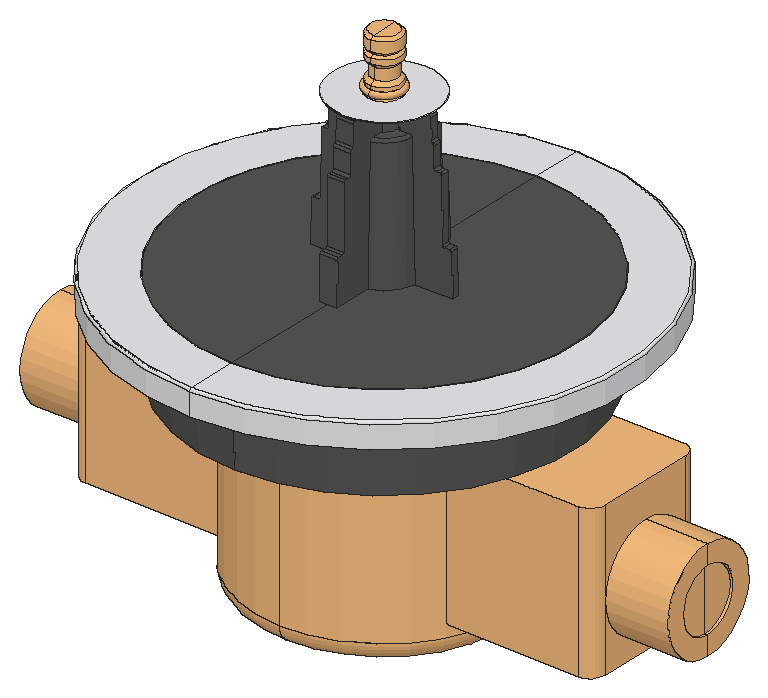
Revit family "Shower-Valves_and_Controls-KOHLER-HiFlow_Rite-Temp-K-2971", category Plumbing Fixtures, host Face, Revit 2015
Parameters (values of type "Pressure-balancing single-handle valve")
  Width = 8"  # constant formula
  WaterSense Certified = 1 = 0  # no
  Waste Water Outlet = "Waste Water Outlet"  # constant formula
  Waste Connection = 1 = 0  # no
  Vent Connection = 1 = 0  # no
  URL = "https://www.us.kohler.com/us/"
  Tempered Water Outlet = "Tempered Water Outlet"  # constant formula
  Product Page URL = "http://www.us.kohler.com/us/catalog/productDetails.jsp?productNumber=2971-KS"
  Product Name = "Rite-Temp"  # constant formula
  Product Documentation Link = "https://www.us.kohler.com/webassets/kpna/catalog/pdf/en/K-2971-KS_spec.pdf"
  Pressure = 45.00 psi  # constant formula
  Model = "K-2971-KS-NA"  # constant formula
  Material = "Brass construction"  # constant formula
  MasterFormat 2004 = "22.11.00"  # constant formula
  MasterFormat 1995 = "154300"  # constant formula
  Manufacturer Address = "444 Highland Dr, Kohler, WI 53044"  # constant formula
  Manufacturer = "KOHLER Co."  # constant formula
  Length = 2 1/4"  # constant formula
  Hot Water Inlet = "Hot Water Inlet"  # constant formula
  Height = 6"  # constant formula
  HW Connection = 1 = 1  # yes
  Flow Rate = 13 GPM  # constant formula
  Finish = Kohler-Metal-Brass
  Environmental Product Declaration = ""
  Description = "HiFlow Rite-Temp 3/4 inch pressure-balancing single-handle with screwdriver stops"  # constant formula
  Default Elevation = 36"
  Declare Label = ""
  Date Modified = "02/07/2019"  # constant formula
  Date Created = "02/07/2019"  # constant formula
  Copyright = "Copyright KOHLER Co."  # constant formula
  Contact Us = "https://www.us.kohler.com/us/static/contact.jsp"
  Cold Water Inlet = "Cold Water Inlet"  # constant formula
  CW Connection = 1 = 1  # yes
  Assembly Code = "D2020"
  ADA Compliant = 1 = 1  # yes
Reference planes (in)
  plane 1 "Center (Front/Back)": y = 0
  plane 2: z = 0
  plane 3 "Center (Left/Right)": x = 0
  plane 4: x = 4
  plane 5: x = -4
  plane 6: z = 2.6675
  plane 7: y = 3
  plane 8: y = -3
  plane 9: z = -2.25
  plane 10: z = -3.48
  plane 11: z = -0.312
Forms (in)
  Revolve 1, void
    sketch origin (0, 0, 0) x (0, 1, 0) y (0, 0, 1)
      loop
        line (0, 0.03911) -> (-3, 0.03911) -> (-3, -3.48) -> (0, -3.48) -> (0, 0.03911)
      axis (0, 0.03911) -> (0, -3.48)
    angle from 0 to 360
  Extrusion 2, void
    sketch origin (0, 0, 0) x (0, 1, 0) y (0, 0, 1)
      loop
        line (-0.80595, -3.08) -> (0.80405, -3.08) -> (0.80405, -1.2) -> (-0.80595, -1.2) -> (-0.80595, -3.08)
    from -4 to 4
Dimensions and locks (in)
  equal spacing: plane 4, plane 3 "Center (Left/Right)", plane 5
  equal spacing: plane 7, plane 1 "Center (Front/Back)", plane 8
  "Width": plane 4 to plane 5
  "Height": plane 7 to plane 8
  "Length": plane 2 to plane 9
  aligned and locked: plane 2 to host face
  aligned and locked: level to host face
Automatic sketch dimensions
  host sketch curve to host sketch curve = 96"  (x2)
  Revolve 1 sketch curve to plane 10 = 0"
  Revolve 1 sketch curve to plane 1 "Center (Front/Back)" = 0"  (x2)
  Revolve 1 sketch curve to level = 0"
  level to Revolve 1 sketch curve = 0.03911"
  Revolve 1 sketch curve to plane 8 = 0"
  Revolve 1 sketch curve to plane 11 = 0.688"
  plane 10 to Extrusion 2 sketch curve = 0.4"
  plane 1 "Center (Front/Back)" to Extrusion 2 sketch curve = 0.80595"
  Extrusion 2 sketch curve to plane 1 "Center (Front/Back)" = 0.80405"
  Extrusion 2 sketch curve to plane 11 = 0.888"
Nested families (in)
  nested 1: "K-2971" at (0, 0, -3.48) x (0, -1, 0) z (0, 0, 1), type "K-2971"
Connectors (in)
  piping at (-3.94012, 0, -2.25), diameter 0.75, driven by "HW Connection", driven by "Hot Water Inlet", driven by "Flow Rate", driven by "Pressure"
    settings: on nested 1, index 1, connector inside diameter 24", connector length 0", flow factor 0, pipe flow 13 GPM, pressure drop 45.00 psi, fitting loss kfactor 0, connector angle 0.00°, fixture units 0, engagement length 0", angle of deflection 0.00°, flow configuration 1, flow direction 1, fitting loss method 4, system type 19, joint type 0, gender type 0, connector reference index -1, connector utility 1, adjustable connector no, is connector primary yes, connector description "Hot Water Inlet"
  piping at (3.95652, 0, -2.25), diameter 0.75, driven by "Flow Rate", driven by "Pressure", driven by "CW Connection", driven by "Cold Water Inlet"
    settings: on nested 1, index 2, connector inside diameter 24", connector length 0", flow factor 0, pipe flow 13 GPM, pressure drop 45.00 psi, fitting loss kfactor 0, connector angle 0.00°, fixture units 0, engagement length 0", angle of deflection 0.00°, flow configuration 1, flow direction 1, fitting loss method 4, system type 20, joint type 0, gender type 0, connector reference index -1, connector utility 1, adjustable connector no, is connector primary no, connector description "Cold Water Inlet"
  piping at (-0.00195, 1.7533, -2.72345), diameter 0.75, driven by "Tempered Water Outlet", driven by "Flow Rate", driven by "Pressure", driven by "HW Connection"
    settings: on nested 1, index 3, connector inside diameter 24", connector length 0", flow factor 0, pipe flow 13 GPM, pressure drop 45.00 psi, fitting loss kfactor 0, connector angle 0.00°, fixture units 0, engagement length 0", angle of deflection 0.00°, flow configuration 1, flow direction 2, fitting loss method 4, system type 19, joint type 0, gender type 0, connector reference index -1, connector utility 1, adjustable connector no, is connector primary no, connector description "Tempered Water Outlet"
Definition of nested family "K-2971"
  Parameters (values of type "K-2971")
    Valve Material = none
  Reference planes (in)
    plane 1 "Center (Front/Back)": y = 0
    plane 2: z = 0
    plane 3 "Center (Left/Right)": x = 0
    plane 4: z = 3.48
    plane 5: y = -4
    plane 6: y = 4
    plane 7: z = 1.23
    plane 8: z = 6.1475
    plane 9: x = -3
    plane 10: x = 3
  Forms (in)
    Revolve 1, solid, material <- "Valve Material", detail levels medium+fine
      sketch origin (0, 0, 0) x (1, 0, 0) y (0, 0, 1)
        loop
          line (0.15454, 3.168) -> (0.15454, 5.415) -> (0.09284, 5.415) -> (0.09284, 5.461) -> (0.21214, 5.461) -> (0.14207, 5.48673) -> (0.2031, 5.48673)
          arc (0.2031, 5.48673) -> (0.2379, 5.52153) -> (0.2031, 5.55633) r 0.0348
          line (0.2031, 5.55633) -> (0.14378, 5.55633) -> (0.20349, 5.56686) -> (0.20349, 5.60565) -> (0.15454, 5.65461) -> (0.15454, 5.79783) -> (0.20349, 5.84678) -> (0.20349, 5.91277) -> (0.17013, 5.94613) -> (0.20349, 5.97949) -> (0.20349, 6.11147) -> (0.16746, 6.1475) -> (0, 6.1475) -> (0, 0) -> (1.36724, 0)
          arc (1.36724, 0) -> (1.54401, 0.07322) -> (1.61724, 0.25) r 0.25
          line (1.61724, 0.25) -> (1.61724, 3.168) -> (0.15454, 3.168)
        axis (0, 6.1475) -> (0, 0)
      angle from 0 to 360
    Extrusion 2, solid, detail levels medium+fine
      sketch origin (0, 0, 0) x (1, 0, 0) y (0, 0, 1)
        loop
          line (-0.87723, 3.37232) -> (0.87723, 3.37232) -> (0.86071, 3.99397)
          arc (0.86071, 3.99397) -> (0.85388, 4.00958) -> (0.83809, 4.016) r 0.02263
          line (0.83809, 4.016) -> (0.77163, 4.016)
          arc (0.77163, 4.016) -> (0.75726, 4.02191) -> (0.75122, 4.03622) r 0.02041
          line (0.75122, 4.03622) -> (0.74402, 4.80243)
          arc (0.74402, 4.80243) -> (0.73757, 4.81769) -> (0.72225, 4.824) r 0.02178
          line (0.72225, 4.824) -> (0.67757, 4.824)
          arc (0.67757, 4.824) -> (0.65844, 4.83192) -> (0.65051, 4.85106) r 0.02706
          line (0.65051, 4.85106) -> (0.65051, 5.09072)
          arc (0.65051, 5.09072) -> (0.64513, 5.10941) -> (0.63064, 5.12238) r 0.03516
          arc (0.63064, 5.12238) -> (0.61865, 5.13301) -> (0.61398, 5.14834) r 0.02949
          line (0.61398, 5.14834) -> (0.60911, 5.39203)
          arc (0.60911, 5.39203) -> (0.60208, 5.4083) -> (0.58568, 5.415) r 0.02344
          line (0.58568, 5.415) -> (-0.58706, 5.415)
          arc (-0.58706, 5.415) -> (-0.60248, 5.4087) -> (-0.60908, 5.39341) r 0.02203
          line (-0.60908, 5.39341) -> (-0.61398, 5.14834)
          arc (-0.61398, 5.14834) -> (-0.6185, 5.13323) -> (-0.63016, 5.12261) r 0.02949
          arc (-0.63016, 5.12261) -> (-0.64502, 5.10895) -> (-0.65051, 5.08953) r 0.03707
          line (-0.65051, 5.08953) -> (-0.65051, 4.85106)
          arc (-0.65051, 4.85106) -> (-0.65844, 4.83192) -> (-0.67757, 4.824) r 0.02706
          line (-0.67757, 4.824) -> (-0.72225, 4.824)
          arc (-0.72225, 4.824) -> (-0.73757, 4.81769) -> (-0.74402, 4.80243) r 0.02178
          line (-0.74402, 4.80243) -> (-0.75122, 4.03622)
          arc (-0.75122, 4.03622) -> (-0.75726, 4.02191) -> (-0.77163, 4.016) r 0.02041
          line (-0.77163, 4.016) -> (-0.83809, 4.016)
          arc (-0.83809, 4.016) -> (-0.85388, 4.00958) -> (-0.86071, 3.99397) r 0.02263
          line (-0.86071, 3.99397) -> (-0.87723, 3.37232)
      from -0.10671 to 0.10424
    Extrusion 3, solid, detail levels medium+fine
      sketch origin (0, 0, 0) x (0, 1, 0) y (0, 0, 1)
        loop
          line (-0.87649, 3.37232) -> (0.87796, 3.37232) -> (0.86145, 3.99372)
          arc (0.86145, 3.99372) -> (0.85461, 4.00934) -> (0.83883, 4.01575) r 0.02263
          line (0.83883, 4.01575) -> (0.77236, 4.01575)
          arc (0.77236, 4.01575) -> (0.758, 4.02166) -> (0.75195, 4.03598) r 0.02041
          line (0.75195, 4.03598) -> (0.74476, 4.80218)
          arc (0.74476, 4.80218) -> (0.73831, 4.81745) -> (0.72298, 4.82375) r 0.02178
          line (0.72298, 4.82375) -> (0.6783, 4.82375)
          arc (0.6783, 4.82375) -> (0.65917, 4.83168) -> (0.65125, 4.85081) r 0.02706
          line (0.65125, 4.85081) -> (0.65125, 5.09047)
          arc (0.65125, 5.09047) -> (0.64587, 5.10916) -> (0.63138, 5.12213) r 0.03516
          arc (0.63138, 5.12213) -> (0.61938, 5.13276) -> (0.61472, 5.14809) r 0.02949
          line (0.61472, 5.14809) -> (0.60985, 5.39178)
          arc (0.60985, 5.39178) -> (0.60282, 5.40805) -> (0.58641, 5.41475) r 0.02344
          line (0.58641, 5.41475) -> (-0.58632, 5.41475)
          arc (-0.58632, 5.41475) -> (-0.60174, 5.40846) -> (-0.60835, 5.39316) r 0.02203
          line (-0.60835, 5.39316) -> (-0.61325, 5.14809)
          arc (-0.61325, 5.14809) -> (-0.61777, 5.13298) -> (-0.62943, 5.12237) r 0.02949
          arc (-0.62943, 5.12237) -> (-0.64428, 5.1087) -> (-0.64978, 5.08928) r 0.03707
          line (-0.64978, 5.08928) -> (-0.64978, 4.85081)
          arc (-0.64978, 4.85081) -> (-0.6577, 4.83168) -> (-0.67683, 4.82375) r 0.02706
          line (-0.67683, 4.82375) -> (-0.72151, 4.82375)
          arc (-0.72151, 4.82375) -> (-0.73684, 4.81745) -> (-0.74329, 4.80218) r 0.02178
          line (-0.74329, 4.80218) -> (-0.75048, 4.03598)
          arc (-0.75048, 4.03598) -> (-0.75653, 4.02166) -> (-0.77089, 4.01575) r 0.02041
          line (-0.77089, 4.01575) -> (-0.83736, 4.01575)
          arc (-0.83736, 4.01575) -> (-0.85314, 4.00934) -> (-0.85998, 3.99372) r 0.02263
          line (-0.85998, 3.99372) -> (-0.87649, 3.37232)
      from -0.04662 to 0.04346
    Revolve 4, solid, material <- "Valve Material", detail levels medium+fine
      sketch origin (0, 0, 0) x (0, 1, 0) y (0, 0, 1)
        loop
          line (3.95652, 1.23) -> (-3.94012, 1.23) -> (-3.94012, 0.80778) -> (-4, 0.80778) -> (-4, 0.605) -> (4, 0.605) -> (4, 0.84282) -> (3.95652, 0.84282) -> (3.95652, 1.23)
        axis (4, 1.23) -> (-4, 1.23)
      angle from 0 to 360
    Extrusion 5, solid, material <- "Valve Material", detail levels medium+fine
      sketch origin (0, 0, 0) x (1, 0, 0) y (0, 1, 0)
        loop
          line (-0.80405, 0.38775) -> (-0.80405, -3.04367)
          arc (-0.80405, -3.04367) -> (-0.74998, -3.17422) -> (-0.61944, -3.22829) r 0.18462
          line (-0.61944, -3.22829) -> (0.62235, -3.22829)
          arc (0.62235, -3.22829) -> (0.75217, -3.17452) -> (0.80595, -3.0447) r 0.18359
          line (0.80595, -3.0447) -> (0.80595, -0.2173) -> (0.80595, 3.0447)
          arc (0.80595, 3.0447) -> (0.75217, 3.17452) -> (0.62235, 3.22829) r 0.18359
          line (0.62235, 3.22829) -> (-0.62046, 3.22829)
          arc (-0.62046, 3.22829) -> (-0.75028, 3.17452) -> (-0.80405, 3.0447) r 0.18359
          line (-0.80405, 3.0447) -> (-0.80405, 0.38775)
      from 0.4 to 2.28
    Extrusion 6, solid, material <- "Valve Material", detail levels medium+fine
      sketch origin (0, 0, 0) x (0, 1, 0) y (0, 0, 1)
        loop
          line (0.75, 0.61) -> (0.75, 2.24875) -> (-0.75, 2.24875) -> (-0.75, 0.61)
          arc (-0.75, 0.61) -> (-0.60355, 0.25645) -> (-0.25, 0.11) r 0.5
          line (-0.25, 0.11) -> (0.25, 0.11)
          arc (0.25, 0.11) -> (0.60355, 0.25645) -> (0.75, 0.61) r 0.5
        loop
          circle (-0.00195, 0.75655) r 0.4432
      from -2.20139 to -0.934
    Extrusion 7, void
      sketch origin (0, 0, 0) x (1, 0, 0) y (0, 0, 1)
        loop
          line (-2.05905, -0.04415) -> (-2.05905, 0.76695)
          arc (-2.05905, 0.76695) -> (-2.06821, 0.94173) -> (-2.09559, 1.11459) r 1.67208
          line (-2.09559, 1.11459) -> (-2.19351, 1.57524)
          arc (-2.19351, 1.57524) -> (-2.19941, 1.61255) -> (-2.20139, 1.65026) r 0.36081
          line (-2.20139, 1.65026) -> (-2.20139, -0.04415) -> (-2.05905, -0.04415)
      from -0.96694 to 0.946
    Revolve 8, solid, material <- "Valve Material", detail levels coarse
      sketch origin (0, 0, 0) x (0, 1, 0) y (0, 0, 1)
        loop
          line (0, 6.1475) -> (-0.20349, 6.1475) -> (-0.20349, 3.168) -> (-2.34601, 3.168) -> (-2.315, 2.28) -> (-1.61724, 2.28) -> (-1.61724, 0) -> (0, 0) -> (0, 6.1475)
        axis (0, 6.1475) -> (0, 0)
      angle from 0 to 360
    Extrusion 9, solid, material <- "Valve Material", detail levels coarse
      sketch origin (0, 0, 0) x (1, 0, 0) y (0, 1, 0)
        loop
          line (0.80595, -3.22829) -> (0.80595, 3.22829) -> (-0.80405, 3.22829) -> (-0.80405, -3.22829) -> (0.80595, -3.22829)
      from 0.4 to 2.28
    Extrusion 10, solid, material <- "Valve Material", detail levels coarse
      sketch origin (0, 0, 0) x (1, 0, 0) y (0, 0, 1)
        loop
          circle (0, 1.23) r 0.625
      from -4 to 4
    Extrusion 11, solid, detail levels medium+fine
      sketch origin (0, 0, 0) x (1, 0, 0) y (0, 1, 0)
        loop
          circle (0, 0) r 0.62595
      from 5.451 to 5.461
    Revolve 12, solid, detail levels medium+fine
      sketch origin (0, 0, 0) x (1, 0, 0) y (0, 0, 1)
        loop
          line (0.41009, 3.48) -> (0.37541, 5.09056)
          arc (0.37541, 5.09056) -> (0.36514, 5.11426) -> (0.34123, 5.12401) r 0.03419
          line (0.34123, 5.12401) -> (0.20349, 5.12401) -> (0.20349, 5.451) -> (0, 5.451) -> (0, 2.28) -> (2.315, 2.28) -> (2.3569, 3.48) -> (0.41009, 3.48)
        axis (0, 5.451) -> (0, 2.28)
      angle from 0 to 360
    Revolve 13, solid, detail levels medium+fine
      sketch origin (0, 0, 0) x (1, 0, 0) y (0, 0, 1)
        loop
          line (2.3569, 3.48) -> (2.34601, 3.168) -> (3, 3.168) -> (3, 3.44957)
          arc (3, 3.44957) -> (2.99109, 3.47109) -> (2.96957, 3.48) r 0.03043
          line (2.96957, 3.48) -> (2.3569, 3.48)
        axis (0, 3.48) -> (0, 3.168)
      angle from 0 to 360
    Revolve 14, solid, detail levels coarse
      sketch origin (0, 0, 0) x (0, 1, 0) y (0, 0, 1)
        loop
          line (-2.34601, 3.168) -> (-2.315, 2.28) -> (-0.20349, 2.28) -> (-0.20349, 5.461) -> (-0.821, 5.461) -> (-0.87363, 3.48) -> (-3, 3.48) -> (-3, 3.168) -> (-2.34601, 3.168)
        axis (0, 5.461) -> (0, 2.28)
      angle from 0 to 360
    Extrusion 15, solid, material <- "Valve Material", detail levels medium+fine
      sketch origin (0, 0, 0) x (0, 1, 0) y (0, 0, 1)
        loop
          circle (-0.00195, 0.75655) r 0.14635
      from -1.7533 to -1.43281
  Cuts and joins
    Extrusion 7 cuts Extrusion 6
    joined: Revolve 1, Revolve 4, Extrusion 5, Extrusion 6
    joined: Extrusion 2, Extrusion 3, Revolve 12
  Lines and regions (in)
    Masking region 1
      outline origin (0, 0, 0) x (1, 0, 0) y (0, 0, 1)
        loop
          line (0.87437, 3.48) -> (0.86071, 3.99397)
          arc (0.86071, 3.99397) -> (0.85388, 4.00958) -> (0.83809, 4.016) r 0.02263
          line (0.83809, 4.016) -> (0.77163, 4.016)
          arc (0.77163, 4.016) -> (0.75726, 4.02191) -> (0.75122, 4.03622) r 0.02041
          line (0.75122, 4.03622) -> (0.74402, 4.80243)
          arc (0.74402, 4.80243) -> (0.73757, 4.81769) -> (0.72225, 4.824) r 0.02178
          line (0.72225, 4.824) -> (0.67757, 4.824)
          arc (0.67757, 4.824) -> (0.65844, 4.83192) -> (0.65051, 4.85106) r 0.02706
          line (0.65051, 4.85106) -> (0.65051, 5.09072)
          arc (0.65051, 5.09072) -> (0.64513, 5.10941) -> (0.63064, 5.12238) r 0.03516
          arc (0.63064, 5.12238) -> (0.61865, 5.13301) -> (0.61398, 5.14834) r 0.02949
          line (0.61398, 5.14834) -> (0.60911, 5.39203)
          arc (0.60911, 5.39203) -> (0.60208, 5.4083) -> (0.58568, 5.415) r 0.02344
          line (0.58568, 5.415) -> (0.20349, 5.415) -> (0.20349, 5.451) -> (0.58584, 5.451) -> (0.62595, 5.461) -> (0.21214, 5.461) -> (0.14207, 5.48673) -> (0.20325, 5.48673)
          arc (0.20325, 5.48673) -> (0.23805, 5.52153) -> (0.20325, 5.55633) r 0.0348
          line (0.20325, 5.55633) -> (0.14378, 5.55633) -> (0.20349, 5.56686) -> (0.20349, 5.60565) -> (0.15454, 5.65461) -> (0.15454, 5.79783) -> (0.20349, 5.84678) -> (0.20349, 5.91277) -> (0.17013, 5.94613) -> (0.20349, 5.97949) -> (0.20349, 6.11147) -> (0.16746, 6.1475) -> (-0.16746, 6.1475) -> (-0.20349, 6.11147) -> (-0.20349, 5.97949) -> (-0.17013, 5.94613) -> (-0.20349, 5.91277) -> (-0.20349, 5.84678) -> (-0.15454, 5.79783) -> (-0.15454, 5.65461) -> (-0.20349, 5.60565) -> (-0.20349, 5.56686) -> (-0.14378, 5.55633) -> (-0.20325, 5.55633)
          arc (-0.20325, 5.55633) -> (-0.23805, 5.52153) -> (-0.20325, 5.48673) r 0.0348
          line (-0.20325, 5.48673) -> (-0.14207, 5.48673) -> (-0.21214, 5.461) -> (-0.62595, 5.461) -> (-0.58584, 5.451) -> (-0.20349, 5.451) -> (-0.20349, 5.415) -> (-0.58568, 5.415)
          arc (-0.58568, 5.415) -> (-0.60208, 5.4083) -> (-0.60911, 5.39203) r 0.02344
          line (-0.60911, 5.39203) -> (-0.61398, 5.14834)
          arc (-0.61398, 5.14834) -> (-0.61865, 5.13301) -> (-0.63064, 5.12238) r 0.02949
          arc (-0.63064, 5.12238) -> (-0.64513, 5.10941) -> (-0.65051, 5.09072) r 0.03516
          line (-0.65051, 5.09072) -> (-0.65051, 4.85106)
          arc (-0.65051, 4.85106) -> (-0.65844, 4.83192) -> (-0.67757, 4.824) r 0.02706
          line (-0.67757, 4.824) -> (-0.72225, 4.824)
          arc (-0.72225, 4.824) -> (-0.73757, 4.81769) -> (-0.74402, 4.80243) r 0.02178
          line (-0.74402, 4.80243) -> (-0.75122, 4.03622)
          arc (-0.75122, 4.03622) -> (-0.75726, 4.02191) -> (-0.77163, 4.016) r 0.02041
          line (-0.77163, 4.016) -> (-0.83809, 4.016)
          arc (-0.83809, 4.016) -> (-0.85388, 4.00958) -> (-0.86071, 3.99397) r 0.02263
          line (-0.86071, 3.99397) -> (-0.87437, 3.48) -> (-3, 3.48) -> (-3, 3.168) -> (-2.34601, 3.168) -> (-2.315, 2.28) -> (-2.16057, 2.28) -> (-2.16057, 2.24875) -> (-2.20139, 2.24875) -> (-2.20139, 1.65026)
          arc (-2.20139, 1.65026) -> (-2.19941, 1.61255) -> (-2.19351, 1.57524) r 0.36081
          line (-2.19351, 1.57524) -> (-2.09559, 1.11459)
          arc (-2.09559, 1.11459) -> (-2.06821, 0.94173) -> (-2.05905, 0.76695) r 1.67208
          line (-2.05905, 0.76695) -> (-2.05905, 0.11) -> (-1.57436, 0.11)
          arc (-1.57436, 0.11) -> (-1.4845, 0.02921) -> (-1.36724, 0) r 0.25
          line (-1.36724, 0) -> (1.36724, 0)
          arc (1.36724, 0) -> (1.54401, 0.07322) -> (1.61724, 0.25) r 0.25
          line (1.61724, 0.25) -> (1.61724, 2.09866) -> (2.16057, 2.09866) -> (2.16057, 2.28) -> (2.315, 2.28) -> (2.34601, 3.168) -> (3, 3.168) -> (3, 3.48) -> (0.87437, 3.48)
    Masking region 2, detail levels medium+fine
      outline origin (0, 0, 0) x (0, 1, 0) y (0, 0, 1)
        loop
          line (-0.87363, 3.48) -> (-3, 3.48) -> (-3, 3.168) -> (-2.34601, 3.168) -> (-2.315, 2.28) -> (-3.22829, 2.28) -> (-3.22829, 1.855) -> (-4, 1.855) -> (-4, 0.605) -> (-3.22829, 0.605) -> (-3.22829, 0.4) -> (-1.61724, 0.4) -> (-1.61724, 0.25752)
          arc (-1.61724, 0.25752) -> (-1.5568, 0.09015) -> (-1.40337, 0) r 0.26198
          line (-1.40337, 0) -> (1.40337, 0)
          arc (1.40337, 0) -> (1.5568, 0.09015) -> (1.61724, 0.25752) r 0.26198
          line (1.61724, 0.25752) -> (1.61724, 0.4) -> (3.22829, 0.4) -> (3.22829, 0.605) -> (4, 0.605) -> (4, 1.855) -> (3.22829, 1.855) -> (3.22829, 2.28) -> (2.315, 2.28) -> (2.34601, 3.168) -> (3, 3.168) -> (3, 3.48) -> (0.87363, 3.48) -> (0.85998, 3.99372)
          arc (0.85998, 3.99372) -> (0.85314, 4.00934) -> (0.83736, 4.01575) r 0.02263
          line (0.83736, 4.01575) -> (0.77089, 4.01575)
          arc (0.77089, 4.01575) -> (0.75653, 4.02166) -> (0.75048, 4.03598) r 0.02041
          line (0.75048, 4.03598) -> (0.74329, 4.80218)
          arc (0.74329, 4.80218) -> (0.73684, 4.81745) -> (0.72151, 4.82375) r 0.02178
          line (0.72151, 4.82375) -> (0.67683, 4.82375)
          arc (0.67683, 4.82375) -> (0.6577, 4.83168) -> (0.64978, 4.85081) r 0.02706
          line (0.64978, 4.85081) -> (0.64978, 5.08928)
          arc (0.64978, 5.08928) -> (0.64428, 5.1087) -> (0.62943, 5.12237) r 0.03707
          arc (0.62943, 5.12237) -> (0.61777, 5.13298) -> (0.61325, 5.14809) r 0.02949
          line (0.61325, 5.14809) -> (0.60835, 5.39316)
          arc (0.60835, 5.39316) -> (0.60174, 5.40846) -> (0.58632, 5.41475) r 0.02203
          line (0.58632, 5.41475) -> (0.20332, 5.41475) -> (0.20332, 5.451) -> (0.58584, 5.451) -> (0.62595, 5.461) -> (0.21276, 5.461) -> (0.14207, 5.48673) -> (0.20267, 5.48673)
          arc (0.20267, 5.48673) -> (0.23747, 5.52153) -> (0.20267, 5.55633) r 0.0348
          line (0.20267, 5.55633) -> (0.14378, 5.55633) -> (0.20349, 5.56686) -> (0.20349, 5.60565) -> (0.15454, 5.65461) -> (0.15454, 5.79783) -> (0.20349, 5.84678) -> (0.20349, 5.91277) -> (0.17013, 5.94613) -> (0.20349, 5.97949) -> (0.20349, 6.11147) -> (0.16746, 6.1475) -> (-0.16746, 6.1475) -> (-0.20349, 6.11147) -> (-0.20349, 5.97949) -> (-0.17013, 5.94613) -> (-0.20349, 5.91277) -> (-0.20349, 5.84678) -> (-0.15454, 5.79783) -> (-0.15454, 5.65461) -> (-0.20349, 5.60565) -> (-0.20349, 5.56686) -> (-0.14378, 5.55633) -> (-0.20267, 5.55633)
          arc (-0.20267, 5.55633) -> (-0.23747, 5.52153) -> (-0.20267, 5.48673) r 0.0348
          line (-0.20267, 5.48673) -> (-0.14207, 5.48673) -> (-0.21276, 5.461) -> (-0.62595, 5.461) -> (-0.58584, 5.451) -> (-0.20332, 5.451) -> (-0.20332, 5.41475) -> (-0.58632, 5.41475)
          arc (-0.58632, 5.41475) -> (-0.60174, 5.40846) -> (-0.60835, 5.39316) r 0.02203
          line (-0.60835, 5.39316) -> (-0.61325, 5.14809)
          arc (-0.61325, 5.14809) -> (-0.61777, 5.13298) -> (-0.62943, 5.12237) r 0.02949
          arc (-0.62943, 5.12237) -> (-0.64428, 5.1087) -> (-0.64978, 5.08928) r 0.03707
          line (-0.64978, 5.08928) -> (-0.64978, 4.85081)
          arc (-0.64978, 4.85081) -> (-0.6577, 4.83168) -> (-0.67683, 4.82375) r 0.02706
          line (-0.67683, 4.82375) -> (-0.72151, 4.82375)
          arc (-0.72151, 4.82375) -> (-0.73684, 4.81745) -> (-0.74329, 4.80218) r 0.02178
          line (-0.74329, 4.80218) -> (-0.75048, 4.03598)
          arc (-0.75048, 4.03598) -> (-0.75653, 4.02166) -> (-0.77089, 4.01575) r 0.02041
          line (-0.77089, 4.01575) -> (-0.83736, 4.01575)
          arc (-0.83736, 4.01575) -> (-0.85314, 4.00934) -> (-0.85998, 3.99372) r 0.02263
          line (-0.85998, 3.99372) -> (-0.87363, 3.48)
    Masking region 3
      outline origin (0, 0, 0) x (1, 0, 0) y (0, 1, 0)
        loop
          circle (0, 0) r 3
    symbolic lines, detail levels medium+fine
      curve 1: line (-1.43281, 0, 2.09866) -> (-1.43281, 0, 0.60742)
      curve 2: spline (-1.43281, 0, 0.60742) -> (-1.43449, 0, 0.57359) -> (-1.43699, 0, 0.53999) -> (-1.44031, 0, 0.50676) -> (-1.44443, 0, 0.47408) -> (-1.44933, 0, 0.44209) -> (-1.45499, 0, 0.41096) -> (-1.46138, 0, 0.38083) -> (-1.46847, 0, 0.35186) -> (-1.47622, 0, 0.32418) -> (-1.4846, 0, 0.29793) -> (-1.49357, 0, 0.27324) -> (-1.50308, 0, 0.25021)
      curve 3: arc (-1.50308, 0, 0.25021) -> (-1.53679, 0, 0.17913) -> (-1.57436, 0, 0.11) r 1.42908
      curve 4: line (-2.34601, 0, 3.168) -> (2.34601, 0, 3.168)
      curve 5: line (2.16057, 0, 2.28) -> (-2.16057, 0, 2.28)
      curve 6: line (1.61724, 0, 2.09866) -> (0.80595, 0, 2.09866)
      curve 7: line (-2.16057, 0, 2.24875) -> (-2.02622, 0, 2.24875)
      curve 8: line (-2.02622, 0, 2.24875) -> (-2.02622, 0, 2.09866)
      curve 9: line (-0.80405, 0, 0.4) -> (0.80595, 0, 0.4)
      curve 10: line (-0.80405, 0, 2.28) -> (-0.80405, 0, 0.4)
      curve 11: line (0.80595, 0, 0.4) -> (0.80595, 0, 2.28)
      curve 12: circle (0, 0, 1.23) r 0.42222 normal (0, 1, 0)
      curve 13: circle (0, 0, 1.23) r 0.625 normal (0, 1, 0)
      curve 14: line (-0.80405, 0, 2.09866) -> (-2.02622, 0, 2.09866)
      curve 15: line (-0.87437, 0, 3.48) -> (0.87437, 0, 3.48)
      curve 16: line (-0.20349, 0, 5.451) -> (0.20349, 0, 5.451)
      curve 17: line (0.21214, 0, 5.461) -> (-0.21214, 0, 5.461)
      curve 18: line (-0.14378, 0, 5.55633) -> (0.14378, 0, 5.55633)
      curve 19: line (-0.14207, 0, 5.48673) -> (0.14207, 0, 5.48673)
      curve 20: line (-0.15454, 0, 5.65461) -> (0.15454, 0, 5.65461)
      curve 21: line (-0.15454, 0, 5.79783) -> (0.15454, 0, 5.79783)
      curve 22: line (-0.17013, 0, 5.94613) -> (0.17013, 0, 5.94613)
      curve 23: line (0.17476, 0, 5.12401) -> (0.17476, 0, 5.415)
      curve 24: line (0.32492, 0, 5.12401) -> (0.04346, 0, 5.12401)
      curve 25: line (0.39662, 0, 3.48) -> (0.36061, 0, 5.09199)
      curve 26: arc (0.36061, 0, 5.09199) -> (0.3491, 0, 5.11504) -> (0.32492, 0, 5.12395) r 0.03498
      curve 27: arc (-0.32492, 0, 5.12395) -> (-0.3491, 0, 5.11504) -> (-0.36061, 0, 5.09199) r 0.03498
      curve 28: line (-0.36061, 0, 5.09199) -> (-0.39662, 0, 3.48)
      curve 29: line (-0.17476, 0, 5.415) -> (-0.17476, 0, 5.12401)
      curve 30: line (-0.20349, 0, 5.415) -> (0.20349, 0, 5.415)
      curve 31: line (-0.04662, 0, 5.415) -> (-0.04662, 0, 3.48)
      curve 32: line (0.04346, 0, 3.48) -> (0.04346, 0, 5.415)
      curve 33: line (-0.04662, 0, 5.12401) -> (-0.32492, 0, 5.12401)
      curve 34: line (0, 1.40211, 0.4) -> (0, 1.40211, 2.09866)
      curve 35: line (0, 2.00538, 2.09866) -> (0, -2.00462, 2.09866)
      curve 36: line (0, -0.75, 2.09866) -> (0, -0.75, 0.61)
      curve 37: arc (0, -0.75, 0.61) -> (0, -0.60355, 0.25645) -> (0, -0.25, 0.11) r 0.5
      curve 38: line (0, -0.25, 0.11) -> (0, 0.25, 0.11)
      curve 39: arc (0, 0.25, 0.11) -> (0, 0.60355, 0.25645) -> (0, 0.75, 0.61) r 0.5
      curve 40: line (0, 0.75, 0.61) -> (0, 0.75, 2.09866)
      curve 41: circle (0, -0.00195, 0.75655) r 0.4432 normal (-1, 0, 0)
      curve 42: line (0, 0.8751, 3.48) -> (0, -0.87363, 3.48)
      curve 43: line (0, 1.40211, 0.4) -> (0, 1.61724, 0.4)
      curve 44: line (0, -1.61724, 0.4) -> (0, -1.40319, 0.4)
      curve 45: line (0, -1.40319, 0.4) -> (0, -1.40319, 2.09866)
      curve 46: line (0, -2.00462, 2.09866) -> (0, -2.00462, 2.28)
      curve 47: line (0, 2.00538, 2.09866) -> (0, 2.00538, 2.28)
      curve 48: line (0, 2.315, 2.28) -> (0, -2.315, 2.28)
      curve 49: line (0, 3.22829, 1.855) -> (0, 3.22829, 0.605)
      curve 50: line (0, -3.22829, 1.855) -> (0, -3.22829, 0.605)
      curve 51: line (0, 2.34601, 3.168) -> (0, -2.34601, 3.168)
      curve 52: line (0, 0.17013, 5.94613) -> (0, -0.17013, 5.94613)
      curve 53: line (0, 0.15454, 5.79783) -> (0, -0.15454, 5.79783)
      curve 54: line (0, 0.15454, 5.65461) -> (0, -0.15454, 5.65461)
      curve 55: line (0, 0.14378, 5.55633) -> (0, -0.14378, 5.55633)
      curve 56: line (0, 0.14207, 5.48673) -> (0, -0.14207, 5.48673)
      curve 57: line (0, 0.20349, 5.451) -> (0, -0.20332, 5.451)
      curve 58: line (0, 0.19879, 5.41475) -> (0, -0.19808, 5.41475)
      curve 59: line (0, 0.21276, 5.461) -> (0, -0.20732, 5.461)
      curve 60: line (0, 0.19879, 5.12401) -> (0, 0.19879, 5.41475)
      curve 61: line (0, 0.10671, 5.41475) -> (0, 0.10671, 3.48)
      curve 62: line (0, -0.19808, 5.41475) -> (0, -0.19808, 5.12401)
      curve 63: line (0, -0.10671, 5.41475) -> (0, -0.10671, 3.48)
      curve 64: line (0, 0.33819, 5.12401) -> (0, 0.10671, 5.12401)
      curve 65: line (0, -0.33819, 5.12401) -> (0, -0.10671, 5.12401)
      curve 66: line (0, 0.37249, 5.09132) -> (0, 0.40743, 3.48)
      curve 67: line (0, -0.40743, 3.48) -> (0, -0.37249, 5.09132)
      curve 68: arc (0, -0.37249, 5.09132) -> (0, -0.36188, 5.11452) -> (0, -0.33819, 5.124) r 0.03434
      curve 69: arc (0, 0.33819, 5.124) -> (0, 0.36188, 5.11452) -> (0, 0.37249, 5.09132) r 0.03434
      curve 70: line (0, 0.10671, 4.824) -> (0, -0.10671, 4.824)
      curve 71: line (0, 0.10671, 4.016) -> (0, -0.10671, 4.016)
      curve 72: circle (0, 0, 0) r 0.14207 normal (0, 0, -1)
      curve 73: circle (0, 0, 0) r 0.16746 normal (0, 0, -1)
      curve 74: circle (0, 0, 0) r 0.20349 normal (0, 0, 1)
      curve 75: circle (0, 0, 0) r 0.62595 normal (0, 0, -1)
      curve 76: line (-0.04662, 0.62421, 0) -> (-0.04662, 0.8751, 0)
      curve 77: line (-0.04662, 0.8751, 0) -> (0.04346, 0.8751, 0)
      curve 78: line (0.04346, 0.8751, 0) -> (0.04346, 0.62444, 0)
      curve 79: line (0.61678, 0.10671, 0) -> (0.87437, 0.10671, 0)
      curve 80: line (0.87437, 0.10671, 0) -> (0.87437, -0.10424, 0)
      curve 81: line (0.87437, -0.10424, 0) -> (0.61721, -0.10424, 0)
      curve 82: line (-0.61678, 0.10671, 0) -> (-0.87437, 0.10671, 0)
      curve 83: line (-0.87437, 0.10671, 0) -> (-0.87437, -0.10424, 0)
      curve 84: line (-0.87437, -0.10424, 0) -> (-0.61721, -0.10424, 0)
      curve 85: line (-0.04662, -0.62421, 0) -> (-0.04662, -0.87363, 0)
      curve 86: line (-0.04662, -0.87363, 0) -> (0.04346, -0.87363, 0)
      curve 87: line (0.04346, -0.87363, 0) -> (0.04346, -0.62444, 0)
    symbolic lines, detail levels coarse
      curve 88: line (0, 0.8751, 1.59866) -> (0, 0.8751, 2.39708)
      curve 89: line (0, -0.8751, 1.59866) -> (0, -0.8751, 2.39708)
      curve 90: line (0, 0.8751, 2.39708) -> (0, -0.8751, 1.59866)
      curve 91: line (0, -0.8751, 2.39708) -> (0, 0.8751, 1.59866)
      curve 92: line (0, 0.59086, 1.28763) -> (0, -0.59086, 1.28763)
      curve 93: line (0, 0, 1.99787) -> (0, 0, 1.28763)
      curve 94: arc (0, 0.59086, 1.28763) -> (0, 0, 0.69677) -> (0, -0.59086, 1.28763) r 0.59086
  Dimensions and locks (in)
    equal spacing: plane 6, plane 1 "Center (Front/Back)", plane 5
    plane 6 to plane 5 = 8"
    plane 4 to plane 7 = 2 1/4"
    equal spacing: plane 10, plane 3 "Center (Left/Right)", plane 9
    plane 10 to plane 9 = 6"
    aligned and locked: level to plane 2
  Automatic sketch dimensions
    Extrusion 2 sketch curve to plane 4 = 0.10768"
    Extrusion 2 sketch curve to plane 3 "Center (Left/Right)" = 0.87723"
    plane 4 to Extrusion 2 sketch curve = 0.51397"  (x2)
    Extrusion 2 sketch curve to Extrusion 2 sketch curve = 0.01651"  (x2)
    Extrusion 2 sketch curve to Extrusion 2 sketch curve = 0.02262"  (x2)
    Extrusion 2 sketch curve to Extrusion 2 sketch curve = 0.06646"  (x2)
    plane 4 to Extrusion 2 sketch curve = 0.55622"
    Extrusion 2 sketch curve to Extrusion 2 sketch curve = 0.02041"  (x2)
    Extrusion 2 sketch curve to plane 3 "Center (Left/Right)" = 0.74402"
    Extrusion 2 sketch curve to Extrusion 2 sketch curve = 0.02178"  (x2)
    Extrusion 2 sketch curve to Extrusion 2 sketch curve = 0.04468"  (x2)
    Extrusion 2 sketch curve to Extrusion 2 sketch curve = 0.02706"  (x2)
    Extrusion 2 sketch curve to Extrusion 2 sketch curve = 0.00705"
    Extrusion 2 sketch curve to Extrusion 2 sketch curve = 0.02948"  (x2)
    Extrusion 2 sketch curve to Extrusion 2 sketch curve = 0.03707"
    Extrusion 2 sketch curve to Extrusion 2 sketch curve = 0.0049"
    Extrusion 2 sketch curve to Extrusion 2 sketch curve = 0.02203"  (x2)
    plane 3 "Center (Left/Right)" to Extrusion 2 sketch curve = 0.58568"
    Extrusion 2 sketch curve to Extrusion 2 sketch curve = 3/128"
    Extrusion 2 sketch curve to Extrusion 2 sketch curve = 0.00487"
    Extrusion 2 sketch curve to Extrusion 2 sketch curve = 0.00137"
    Extrusion 2 sketch curve to Extrusion 2 sketch curve = 9/256"
    plane 3 "Center (Left/Right)" to Extrusion 2 sketch curve = 0.75122"
    Extrusion 2 sketch curve to Extrusion 2 sketch curve = 0.0006"  (x2)
    Extrusion 2 sketch curve to Extrusion 2 sketch curve = 0.02022"
    Extrusion 2 sketch curve to Extrusion 2 sketch curve = 0.766"  (x2)
    Extrusion 2 sketch curve to Extrusion 2 sketch curve = 0.0002"  (x2)
    Extrusion 2 sketch curve to Extrusion 2 sketch curve = 0.23848"
    Extrusion 2 sketch curve to Extrusion 2 sketch curve = 0.23966"
    Extrusion 2 sketch curve to Extrusion 2 sketch curve = 0.05762"
    Extrusion 2 sketch curve to Extrusion 2 sketch curve = 0.05881"
    Extrusion 2 sketch curve to Extrusion 2 sketch curve = 0.00059"  (x2)
    Extrusion 2 sketch curve to Extrusion 2 sketch curve = 0.24322"
    Extrusion 2 sketch curve to Extrusion 2 sketch curve = 0.00047"
    Extrusion 3 sketch curve to plane 4 = 0.10768"
    plane 1 "Center (Front/Back)" to Extrusion 3 sketch curve = 0.87649"
    plane 4 to Extrusion 3 sketch curve = 0.51372"  (x2)
    Extrusion 3 sketch curve to Extrusion 3 sketch curve = 0.01651"  (x2)
    Extrusion 3 sketch curve to Extrusion 3 sketch curve = 0.02262"  (x2)
    Extrusion 3 sketch curve to Extrusion 3 sketch curve = 0.06646"  (x2)
    plane 4 to Extrusion 3 sketch curve = 0.55598"
    Extrusion 3 sketch curve to Extrusion 3 sketch curve = 0.02041"  (x2)
    plane 1 "Center (Front/Back)" to Extrusion 3 sketch curve = 0.74329"
    Extrusion 3 sketch curve to Extrusion 3 sketch curve = 0.02178"  (x2)
    Extrusion 3 sketch curve to Extrusion 3 sketch curve = 0.04468"  (x2)
    Extrusion 3 sketch curve to Extrusion 3 sketch curve = 0.02706"  (x2)
    Extrusion 3 sketch curve to Extrusion 3 sketch curve = 0.00705"
    Extrusion 3 sketch curve to Extrusion 3 sketch curve = 0.02948"  (x2)
    Extrusion 3 sketch curve to Extrusion 3 sketch curve = 0.03707"
    Extrusion 3 sketch curve to Extrusion 3 sketch curve = 0.0049"
    Extrusion 3 sketch curve to Extrusion 3 sketch curve = 0.02203"  (x2)
    Extrusion 3 sketch curve to plane 1 "Center (Front/Back)" = 0.58641"
    Extrusion 3 sketch curve to Extrusion 3 sketch curve = 3/128"
    Extrusion 3 sketch curve to Extrusion 3 sketch curve = 0.00487"
    Extrusion 3 sketch curve to Extrusion 3 sketch curve = 0.00137"
    Extrusion 3 sketch curve to Extrusion 3 sketch curve = 9/256"
    Extrusion 3 sketch curve to Extrusion 3 sketch curve = 0.0072"
    Extrusion 3 sketch curve to Extrusion 3 sketch curve = 0.0006"  (x2)
    Extrusion 3 sketch curve to Extrusion 3 sketch curve = 0.02022"
    Extrusion 3 sketch curve to Extrusion 3 sketch curve = 0.766"  (x2)
    Extrusion 3 sketch curve to Extrusion 3 sketch curve = 0.0002"  (x2)
    Extrusion 3 sketch curve to Extrusion 3 sketch curve = 0.23848"
    Extrusion 3 sketch curve to Extrusion 3 sketch curve = 0.23966"
    Extrusion 3 sketch curve to Extrusion 3 sketch curve = 0.05762"
    Extrusion 3 sketch curve to Extrusion 3 sketch curve = 0.05881"
    Extrusion 3 sketch curve to Extrusion 3 sketch curve = 0.00059"  (x2)
    Extrusion 3 sketch curve to Extrusion 3 sketch curve = 0.24322"
    Extrusion 3 sketch curve to Extrusion 3 sketch curve = 0.00047"
    Extrusion 5 sketch curve to plane 3 "Center (Left/Right)" = 0.80405"
    Extrusion 5 sketch curve to Extrusion 5 sketch curve = 47/256"
    Extrusion 5 sketch curve to Extrusion 5 sketch curve = 0.18462"
    plane 3 "Center (Left/Right)" to Extrusion 5 sketch curve = 0.62235"  (x2)
    plane 1 "Center (Front/Back)" to Extrusion 5 sketch curve = 0.2173"
    plane 3 "Center (Left/Right)" to Extrusion 5 sketch curve = 0.80595"
    Extrusion 5 sketch curve to plane 5 = 0.95633"
    Extrusion 5 sketch curve to plane 1 "Center (Front/Back)" = 0.38775"
    plane 6 to Extrusion 5 sketch curve = 0.9553"
    level to Extrusion 6 sketch curve = 0.11"
    plane 1 "Center (Front/Back)" to Extrusion 6 sketch curve = 1/4"
    plane 1 "Center (Front/Back)" to Extrusion 6 sketch curve = 0.00195"
    Extrusion 6 sketch curve to plane 1 "Center (Front/Back)" = 1/4"
    Extrusion 6 sketch curve to Extrusion 6 sketch curve = 1/2"
    Extrusion 6 sketch curve to Extrusion 6 sketch curve = 0.14655"
    plane 1 "Center (Front/Back)" to Extrusion 6 sketch curve = 3/4"
    plane 7 to Extrusion 6 sketch curve = 1.01875"
    Revolve 4 sketch curve to plane 5 = 0"
    Revolve 4 sketch curve to plane 7 = 0"  (x2)
    Revolve 4 sketch curve to plane 6 = 0"  (x2)
    Revolve 4 sketch curve to plane 5 = 0.05988"
    Revolve 4 sketch curve to Revolve 4 sketch curve = 0.42222"
    level to Revolve 4 sketch curve = 0.605"
    Revolve 4 sketch curve to Revolve 4 sketch curve = 1.20652"
    Revolve 4 sketch curve to Revolve 4 sketch curve = 0.23782"
    plane 6 to Revolve 4 sketch curve = 0.04348"
    Extrusion 7 sketch curve to plane 9 = 0.73113"
    plane 9 to Extrusion 7 sketch curve = 0.79861"
    plane 7 to Extrusion 7 sketch curve = 0.34524"
    Extrusion 7 sketch curve to plane 7 = 0.11541"
    Extrusion 7 sketch curve to Extrusion 7 sketch curve = 0.09791"
    Extrusion 7 sketch curve to Extrusion 7 sketch curve = 0.03654"
    Extrusion 7 sketch curve to Extrusion 7 sketch curve = 0.36081"
    Extrusion 7 sketch curve to level = 0.04415"
    Extrusion 7 sketch curve to Extrusion 7 sketch curve = 0.00788"
    Extrusion 7 sketch curve to Extrusion 7 sketch curve = 0"
    Extrusion 7 sketch curve to Extrusion 7 sketch curve = 0.35293"
    Masking region 1 sketch curve to plane 4 = 0"  (x2)
    Masking region 1 sketch curve to plane 9 = 0"
    Masking region 1 sketch curve to level = 0"
    Masking region 1 sketch curve to plane 8 = 0"
    plane 10 to Masking region 1 sketch curve = 0"
    Masking region 1 sketch curve to plane 4 = 0.312"  (x2)
    plane 9 to Masking region 1 sketch curve = 0.65399"
    plane 9 to Masking region 1 sketch curve = 0.685"
    Masking region 1 sketch curve to Masking region 1 sketch curve = 0.11361"
    Masking region 1 sketch curve to Masking region 1 sketch curve = 0.04082"
    Masking region 1 sketch curve to plane 7 = 0.11541"
    Masking region 1 sketch curve to Masking region 1 sketch curve = 0.1058"
    Masking region 1 sketch curve to plane 3 "Center (Left/Right)" = 0.87437"
    plane 4 to Masking region 1 sketch curve = 0.51397"  (x2)
    Masking region 1 sketch curve to Masking region 1 sketch curve = 0.01365"  (x2)
    Masking region 1 sketch curve to Masking region 1 sketch curve = 0.02262"  (x2)
    Masking region 1 sketch curve to Masking region 1 sketch curve = 0.06646"  (x2)
    plane 4 to Masking region 1 sketch curve = 0.55622"
    Masking region 1 sketch curve to Masking region 1 sketch curve = 0.02041"  (x2)
    Masking region 1 sketch curve to plane 3 "Center (Left/Right)" = 0.74402"
    Masking region 1 sketch curve to Masking region 1 sketch curve = 0.02178"  (x2)
    Masking region 1 sketch curve to Masking region 1 sketch curve = 0.04468"  (x2)
    Masking region 1 sketch curve to Masking region 1 sketch curve = 0.02706"  (x2)
    Masking region 1 sketch curve to Masking region 1 sketch curve = 0.00705"
    Masking region 1 sketch curve to Masking region 1 sketch curve = 0.01752"
    Masking region 1 sketch curve to Masking region 1 sketch curve = 9/256"  (x2)
    Masking region 1 sketch curve to Masking region 1 sketch curve = 0.02948"  (x2)
    Masking region 1 sketch curve to Masking region 1 sketch curve = 0.01684"
    Masking region 1 sketch curve to Masking region 1 sketch curve = 0.04011"  (x2)
    Masking region 1 sketch curve to Masking region 1 sketch curve = 3/128"  (x2)
    Masking region 1 sketch curve to plane 3 "Center (Left/Right)" = 0.21214"
    Masking region 1 sketch curve to Masking region 1 sketch curve = 0.00865"  (x3)
    Masking region 1 sketch curve to plane 3 "Center (Left/Right)" = 0.20349"
    Masking region 1 sketch curve to Masking region 1 sketch curve = 0"
    Masking region 1 sketch curve to Masking region 1 sketch curve = 0.00024"  (x3)
    Masking region 1 sketch curve to Masking region 1 sketch curve = 0.03336"  (x5)
    Masking region 1 sketch curve to Masking region 1 sketch curve = 0.03603"
    Masking region 1 sketch curve to Masking region 1 sketch curve = 0.04895"  (x5)
    Masking region 1 sketch curve to Masking region 1 sketch curve = 0.05947"  (x2)
    Masking region 1 sketch curve to Masking region 1 sketch curve = 0.06118"
    plane 3 "Center (Left/Right)" to Masking region 1 sketch curve = 0.14207"
    Masking region 1 sketch curve to Masking region 1 sketch curve = 0.00171"
    plane 3 "Center (Left/Right)" to Masking region 1 sketch curve = 0.15454"
    plane 3 "Center (Left/Right)" to Masking region 1 sketch curve = 0.16746"
    Masking region 1 sketch curve to Masking region 1 sketch curve = 0.01559"
    Masking region 1 sketch curve to Masking region 1 sketch curve = 0.37354"
    Masking region 1 sketch curve to Masking region 1 sketch curve = 0.00016"
    Masking region 1 sketch curve to Masking region 1 sketch curve = 0.00487"
    Masking region 1 sketch curve to Masking region 1 sketch curve = 0.00137"
    plane 3 "Center (Left/Right)" to Masking region 1 sketch curve = 0.75122"
    plane 3 "Center (Left/Right)" to Masking region 1 sketch curve = 1.36724"
    plane 10 to Masking region 1 sketch curve = 1.38276"
    Masking region 1 sketch curve to Masking region 1 sketch curve = 0.54333"
    Masking region 1 sketch curve to Masking region 1 sketch curve = 0.15443"
    plane 10 to Masking region 1 sketch curve = 0.65399"
    plane 7 to Masking region 1 sketch curve = 0.86866"
    Masking region 1 sketch curve to Masking region 1 sketch curve = 0.18134"
    Masking region 1 sketch curve to Masking region 1 sketch curve = 1/32"
    Masking region 1 sketch curve to Masking region 1 sketch curve = 0.0006"  (x2)
    Masking region 1 sketch curve to Masking region 1 sketch curve = 0.02022"
    Masking region 1 sketch curve to Masking region 1 sketch curve = 0.766"  (x2)
    Masking region 1 sketch curve to Masking region 1 sketch curve = 0.0002"  (x2)
    Masking region 1 sketch curve to Masking region 1 sketch curve = 0.23966"  (x2)
    Masking region 1 sketch curve to Masking region 1 sketch curve = 0.05762"  (x2)
    Masking region 1 sketch curve to Masking region 1 sketch curve = 0.00059"  (x2)
    Masking region 1 sketch curve to Masking region 1 sketch curve = 0.24322"  (x2)
    Masking region 1 sketch curve to Masking region 1 sketch curve = 0.00047"  (x2)
    Masking region 1 sketch curve to Masking region 1 sketch curve = 0.036"  (x2)
    Masking region 1 sketch curve to Masking region 1 sketch curve = 0.01"  (x2)
    Masking region 1 sketch curve to Masking region 1 sketch curve = 0.03573"
    Masking region 1 sketch curve to Masking region 1 sketch curve = 0.02573"
    Masking region 1 sketch curve to Masking region 1 sketch curve = 0.0348"  (x2)
    Masking region 1 sketch curve to Masking region 1 sketch curve = 0.01053"  (x2)
    Masking region 1 sketch curve to Masking region 1 sketch curve = 0.0388"  (x2)
    Masking region 1 sketch curve to Masking region 1 sketch curve = 0.14322"  (x2)
    Masking region 1 sketch curve to Masking region 1 sketch curve = 0.06599"  (x2)
    Masking region 1 sketch curve to plane 8 = 0.03603"  (x2)
    plane 7 to Masking region 1 sketch curve = 0.34524"
    Masking region 1 sketch curve to Masking region 1 sketch curve = 0.00788"
    Masking region 1 sketch curve to Masking region 1 sketch curve = 0.20712"
    Masking region 1 sketch curve to Masking region 1 sketch curve = 0.07502"
    Masking region 1 sketch curve to Masking region 1 sketch curve = 0.4847"
    Masking region 1 sketch curve to Masking region 1 sketch curve = 0.59849"
    level to Masking region 1 sketch curve = 0.11"
    Masking region 1 sketch curve to plane 9 = 0.73113"
    Masking region 1 sketch curve to plane 7 = 0.46305"
    Masking region 2 sketch curve to plane 5 = 0"
    Masking region 2 sketch curve to plane 4 = 0"  (x2)
    Masking region 2 sketch curve to level = 0"
    Masking region 2 sketch curve to plane 8 = 0"
    Masking region 2 sketch curve to plane 6 = 0"
    Masking region 2 sketch curve to plane 5 = 0.77171"  (x2)
    Masking region 2 sketch curve to plane 5 = 1"
    Masking region 2 sketch curve to plane 4 = 0.312"  (x2)
    Masking region 2 sketch curve to Masking region 2 sketch curve = 0.65399"  (x2)
    Masking region 2 sketch curve to Masking region 2 sketch curve = 0.03101"  (x2)
    level to Masking region 2 sketch curve = 0.25752"  (x2)
    plane 1 "Center (Front/Back)" to Masking region 2 sketch curve = 1.61724"
    Masking region 2 sketch curve to Masking region 2 sketch curve = 0.21386"
    plane 1 "Center (Front/Back)" to Masking region 2 sketch curve = 0.87363"
    plane 4 to Masking region 2 sketch curve = 0.51372"  (x2)
    Masking region 2 sketch curve to Masking region 2 sketch curve = 0.01365"  (x2)
    Masking region 2 sketch curve to Masking region 2 sketch curve = 0.02262"  (x2)
    Masking region 2 sketch curve to Masking region 2 sketch curve = 0.06646"  (x2)
    plane 4 to Masking region 2 sketch curve = 0.55598"
    Masking region 2 sketch curve to Masking region 2 sketch curve = 0.02041"  (x2)
    plane 1 "Center (Front/Back)" to Masking region 2 sketch curve = 0.74329"
    Masking region 2 sketch curve to Masking region 2 sketch curve = 0.02178"  (x2)
    Masking region 2 sketch curve to Masking region 2 sketch curve = 0.04468"  (x2)
    Masking region 2 sketch curve to Masking region 2 sketch curve = 0.02706"  (x2)
    Masking region 2 sketch curve to Masking region 2 sketch curve = 0.00705"
    Masking region 2 sketch curve to Masking region 2 sketch curve = 0.01678"
    Masking region 2 sketch curve to Masking region 2 sketch curve = 0.02948"  (x2)
    Masking region 2 sketch curve to Masking region 2 sketch curve = 0.03707"  (x2)
    Masking region 2 sketch curve to Masking region 2 sketch curve = 0.0176"
    Masking region 2 sketch curve to Masking region 2 sketch curve = 0.02203"  (x2)
    Masking region 2 sketch curve to Masking region 2 sketch curve = 0.00048"  (x2)
    plane 1 "Center (Front/Back)" to Masking region 2 sketch curve = 0.21276"
    Masking region 2 sketch curve to Masking region 2 sketch curve = 0.00927"
    Masking region 2 sketch curve to plane 8 = 0.03603"  (x2)
    plane 1 "Center (Front/Back)" to Masking region 2 sketch curve = 0.20349"
    Masking region 2 sketch curve to Masking region 2 sketch curve = 0"
    Masking region 2 sketch curve to Masking region 2 sketch curve = 0.00944"  (x2)
    Masking region 2 sketch curve to Masking region 2 sketch curve = 0.01009"
    Masking region 2 sketch curve to Masking region 2 sketch curve = 0.03336"  (x3)
    Masking region 2 sketch curve to Masking region 2 sketch curve = 0.03603"  (x2)
    Masking region 2 sketch curve to Masking region 2 sketch curve = 0.04895"  (x6)
    Masking region 2 sketch curve to Masking region 2 sketch curve = 0.05889"  (x2)
    Masking region 2 sketch curve to Masking region 2 sketch curve = 0.0606"
    Masking region 2 sketch curve to plane 1 "Center (Front/Back)" = 0.14207"
    Masking region 2 sketch curve to Masking region 2 sketch curve = 0.00171"
    Masking region 2 sketch curve to Masking region 2 sketch curve = 0.01076"
    Masking region 2 sketch curve to plane 1 "Center (Front/Back)" = 0.16746"
    Masking region 2 sketch curve to Masking region 2 sketch curve = 0.01559"
    Masking region 2 sketch curve to Masking region 2 sketch curve = 0.00065"
    Masking region 2 sketch curve to Masking region 2 sketch curve = 0.00082"
    Masking region 2 sketch curve to Masking region 2 sketch curve = 0.37308"
    Masking region 2 sketch curve to Masking region 2 sketch curve = 0.00436"
    Masking region 2 sketch curve to Masking region 2 sketch curve = 0.00054"
    Masking region 2 sketch curve to Masking region 2 sketch curve = 0.04011"
    Masking region 2 sketch curve to plane 1 "Center (Front/Back)" = 0.75048"
    Masking region 2 sketch curve to plane 1 "Center (Front/Back)" = 1.35526"
    Masking region 2 sketch curve to Masking region 2 sketch curve = 0.04812"
    plane 6 to Masking region 2 sketch curve = 1.685"
    plane 6 to Masking region 2 sketch curve = 0.77171"  (x2)
    Masking region 2 sketch curve to Masking region 2 sketch curve = 0.14248"
    level to Masking region 2 sketch curve = 0.4"
    level to Masking region 2 sketch curve = 0.605"  (x2)
    plane 7 to Masking region 2 sketch curve = 5/8"  (x2)
    Masking region 2 sketch curve to Masking region 2 sketch curve = 0.888"
    Masking region 2 sketch curve to Masking region 2 sketch curve = 0.425"
    Masking region 2 sketch curve to Masking region 2 sketch curve = 0.0006"  (x2)
    Masking region 2 sketch curve to Masking region 2 sketch curve = 0.02022"
    Masking region 2 sketch curve to Masking region 2 sketch curve = 0.766"  (x2)
    Masking region 2 sketch curve to Masking region 2 sketch curve = 0.0002"  (x2)
    Masking region 2 sketch curve to Masking region 2 sketch curve = 0.23848"  (x2)
    Masking region 2 sketch curve to Masking region 2 sketch curve = 0.05881"  (x2)
    Masking region 2 sketch curve to Masking region 2 sketch curve = 0.00059"  (x2)
    Masking region 2 sketch curve to Masking region 2 sketch curve = 0.24463"  (x2)
    Masking region 2 sketch curve to Masking region 2 sketch curve = 0.00044"  (x2)
    Masking region 2 sketch curve to Masking region 2 sketch curve = 0.03625"  (x2)
    Masking region 2 sketch curve to Masking region 2 sketch curve = 0.01"  (x2)
    Masking region 2 sketch curve to Masking region 2 sketch curve = 0.03573"  (x2)
    Masking region 2 sketch curve to Masking region 2 sketch curve = 0.0348"  (x2)
    Masking region 2 sketch curve to Masking region 2 sketch curve = 0.01053"  (x2)
    Masking region 2 sketch curve to Masking region 2 sketch curve = 0.0388"  (x2)
    Masking region 2 sketch curve to Masking region 2 sketch curve = 0.14322"  (x2)
    Masking region 2 sketch curve to Masking region 2 sketch curve = 0.06599"  (x2)
    Revolve 8 sketch curve to level = 0"
    Revolve 8 sketch curve to plane 8 = 0"  (x2)
    Revolve 8 sketch curve to plane 1 "Center (Front/Back)" = 0"  (x2)
    plane 1 "Center (Front/Back)" to Revolve 8 sketch curve = 0.20349"
    Revolve 8 sketch curve to Revolve 8 sketch curve = 0.69776"
    Revolve 8 sketch curve to plane 4 = 0.312"
    Revolve 8 sketch curve to Revolve 8 sketch curve = 0.03101"
    plane 7 to Revolve 8 sketch curve = 1.05"
    Extrusion 9 sketch curve to plane 3 "Center (Left/Right)" = 0.80405"
    Extrusion 9 sketch curve to plane 5 = 0.77171"
    plane 3 "Center (Left/Right)" to Extrusion 9 sketch curve = 0.80595"
    plane 6 to Extrusion 9 sketch curve = 0.77171"
    curve 12 to curve 13 = 0"  (x2)
    curve 15 to plane 4 = 0"
    curve 12 to plane 3 "Center (Left/Right)" = 0"
    curve 27 to plane 3 "Center (Left/Right)" = 0.32576"
    curve 28 to curve 27 = 0.03485"
    level to curve 9 = 0.4"
    curve 1 to curve 9 = 0.62876"
    curve 14 to curve 1 = 0.59341"
    plane 9 to curve 3 = 0.1893"
    plane 3 "Center (Left/Right)" to curve 26 = 0.32576"
    curve 26 to curve 25 = 0.03485"
    plane 3 "Center (Left/Right)" to curve 11 = 0.80595"
    level to curve 1 = 0.60742"
    curve 3 to plane 7 = 0.40324"
    plane 7 to curve 8 = 0.86866"
    curve 8 to curve 7 = 0.15009"
    curve 26 to plane 8 = 1.05853"
    curve 27 to curve 26 = 0"
    curve 27 to curve 28 = 0.00301"
    curve 26 to curve 25 = 0.00301"
    curve 31 to plane 3 "Center (Left/Right)" = 0.04662"
    curve 19 to curve 31 = 0.09545"
    curve 18 to curve 19 = 0.00171"
    curve 20 to curve 18 = 0.01076"
    curve 21 to curve 20 = 0"
    curve 22 to curve 21 = 0.01559"
    curve 29 to curve 33 = 0.12814"
    curve 16 to curve 29 = 0.02873"
    curve 30 to curve 29 = 0.02873"
    curve 17 to curve 16 = 0.00865"
    curve 27 to curve 33 = 0.00085"
    curve 27 to curve 33 = 0"
    curve 28 to curve 31 = 0.35"
    curve 15 to curve 28 = 0.47775"
    level to curve 2 = 0.25021"
    curve 2 to curve 2 = 0.07026"
    level to curve 3 = 0.11"
    curve 2 to curve 2 = 0.17248"
    curve 2 to curve 3 = 0.04718"
    curve 7 to curve 7 = 0.13435"
    curve 5 to curve 7 = 0"
    curve 4 to plane 4 = 0.312"
    plane 9 to curve 4 = 0.65399"
    plane 3 "Center (Left/Right)" to curve 32 = 0.04346"
    curve 32 to curve 19 = 0.09861"
    curve 19 to curve 18 = 0.00171"
    plane 3 "Center (Left/Right)" to curve 21 = 0.15454"
    curve 18 to curve 20 = 0.01076"
    curve 21 to curve 22 = 0.01559"
    curve 19 to curve 23 = 0.03269"
    curve 23 to curve 30 = 0.02873"
    curve 16 to curve 30 = 0"
    curve 16 to curve 17 = 0.00865"
    curve 24 to curve 26 = 0.00085"
    curve 24 to curve 26 = 0"
    curve 32 to curve 25 = 0.35316"
    curve 25 to curve 15 = 0.47775"
    curve 6 to curve 6 = 0.81129"
    curve 6 to curve 5 = 0.54333"
    plane 10 to curve 4 = 0.65399"
    curve 7 to curve 5 = 1/32"
    curve 26 to curve 24 = 0.00007"
    curve 27 to curve 29 = 0.00007"
    curve 33 to curve 31 = 0.29099"
    curve 30 to curve 16 = 0.036"
    curve 16 to curve 17 = 0.01"
    curve 16 to curve 19 = 0.03573"
    curve 19 to curve 18 = 0.0696"
    curve 18 to curve 20 = 0.09828"
    curve 20 to curve 21 = 0.14322"
    curve 21 to curve 22 = 0.1483"
    curve 72 to curve 73 = 0"  (x2)
    curve 72 to curve 75 = 0"  (x2)
    curve 74 to curve 75 = 0"  (x2)
    plane 1 "Center (Front/Back)" to curve 74 = 0"
    curve 74 to plane 3 "Center (Left/Right)" = 0"
    curve 86 to plane 3 "Center (Left/Right)" = 0.04662"
    curve 76 to plane 3 "Center (Left/Right)" = 0.04662"
    plane 1 "Center (Front/Back)" to curve 83 = 0.10424"
    plane 3 "Center (Left/Right)" to curve 78 = 0.04346"
    curve 79 to plane 1 "Center (Front/Back)" = 0.10671"
    plane 3 "Center (Left/Right)" to curve 79 = 0.87437"
    plane 1 "Center (Front/Back)" to curve 85 = 0.87363"
    plane 1 "Center (Front/Back)" to curve 81 = 0.10424"
    curve 83 to plane 1 "Center (Front/Back)" = 0.10671"
    curve 78 to plane 1 "Center (Front/Back)" = 0.8751"
    curve 82 to curve 82 = 0.25759"
    plane 3 "Center (Left/Right)" to curve 87 = 0.04346"
    curve 87 to curve 85 = 0.00023"
    Revolve 12 sketch curve to plane 3 "Center (Left/Right)" = 0"
    Revolve 12 sketch curve to plane 4 = 0"  (x2)
    Revolve 12 sketch curve to Revolve 12 sketch curve = 0.13774"
    Revolve 12 sketch curve to Revolve 12 sketch curve = 0.03418"
    plane 3 "Center (Left/Right)" to Revolve 12 sketch curve = 0.41009"
    plane 10 to Revolve 12 sketch curve = 0.685"
    plane 10 to Revolve 12 sketch curve = 0.6431"
    Revolve 12 sketch curve to plane 8 = 1.05768"
    Revolve 12 sketch curve to Revolve 12 sketch curve = 0.00074"
    Revolve 12 sketch curve to Revolve 12 sketch curve = 0.32699"
    plane 3 "Center (Left/Right)" to Revolve 12 sketch curve = 0"
    Revolve 12 sketch curve to Revolve 12 sketch curve = 0.4665"
    plane 3 "Center (Left/Right)" to Revolve 12 sketch curve = 0.20349"
    plane 7 to Revolve 12 sketch curve = 1.05"
    Revolve 13 sketch curve to plane 3 "Center (Left/Right)" = 0"
    plane 10 to Revolve 13 sketch curve = 0"
    Revolve 13 sketch curve to plane 4 = 0"  (x2)
    plane 10 to Revolve 13 sketch curve = 0.03043"
    Revolve 13 sketch curve to Revolve 13 sketch curve = 0.28157"
    Revolve 13 sketch curve to Revolve 13 sketch curve = 0.65399"
    Revolve 13 sketch curve to Revolve 13 sketch curve = 0.0109"
    Revolve 13 sketch curve to plane 4 = 0.7335"
    Revolve 1 sketch curve to plane 3 "Center (Left/Right)" = 0"  (x2)
    Revolve 1 sketch curve to plane 8 = 0"
    Revolve 1 sketch curve to level = 0"
    Revolve 1 sketch curve to plane 4 = 0"
    plane 3 "Center (Left/Right)" to Revolve 1 sketch curve = 0.09284"
    Revolve 1 sketch curve to Revolve 1 sketch curve = 0.04923"
    Revolve 1 sketch curve to Revolve 1 sketch curve = 0.00171"
    Revolve 1 sketch curve to Revolve 1 sketch curve = 0.0617"
    Revolve 1 sketch curve to Revolve 1 sketch curve = 0.01076"
    plane 3 "Center (Left/Right)" to Revolve 1 sketch curve = 0.16746"
